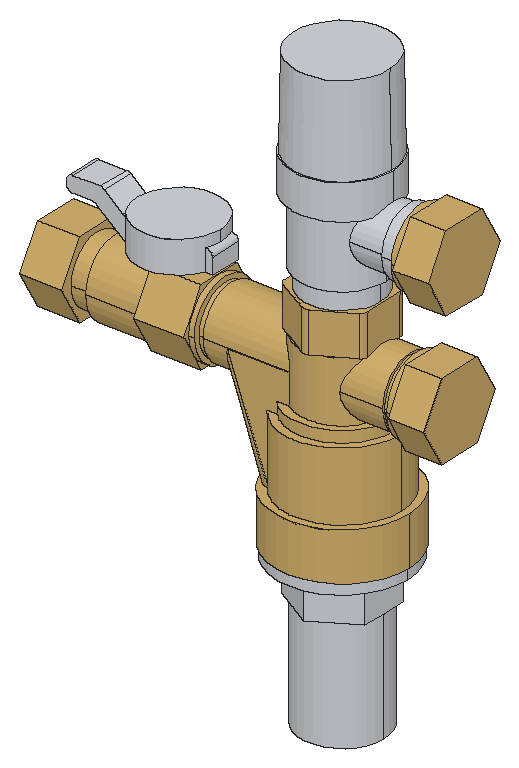
Revit family
Parameters (values of type "KHN3.216")
  URL = "http://www.autospec.co.za/browse.php?id=1644179288"
  Radius of Pipe = Diameter of Pipe / 2  # 11 mm
  Product Code = "KHN3.216"
  Pressure Rating = 600 kPa
  OmniClass Title = ""
  OmniClass Number = ""
  Modspec Classification = ""
  Specification = ""
  Location (revit room) = ""
  Model = "Pressure Control Multi Valve KHN3.216"
  Manufacturer = "Kwikot"  # constant formula
  Material = DZR Brass
  Diameter of Pipe = 22 mm
  Colour = none
  Body Finish = none
  Assembly Code = "D2090800"
Reference planes
  plane 1 "Center (Front/Back)": y = 0
  plane 2: z = 0
  plane 3 "Center (Left/Right)": x = 0
  plane 4: z = -100
  plane 5: z = 88
  plane 6: z = -65
  plane 7: x = 13
  plane 8: x = -13
  plane 9: z = -49.4
  plane 10: z = -34.4
  plane 11: z = -52.865
  plane 12: z = -12.9
  plane 13: z = -9.4
  plane 14: z = 9.6
  plane 15: z = 22.1
  plane 16: z = 28.1
  plane 17: z = 49
  plane 18: z = 60
  plane 19: x = 21.5
  plane 20: x = -34.5
  plane 21: x = 36.5
  plane 22: x = -54
  plane 23: x = 23.5
  plane 24: x = 25.5
  plane 25: x = -36.5
  plane 26: x = -38.5
  plane 27: z = 42
  plane 28: x = 38
  plane 29: x = 27
  plane 30: x = -70.5
  plane 31: x = -76.5
  plane 32: x = -89.5
  plane 33: x = -51
  plane 34: x = -26.5
Forms (mm)
  Extrusion 1, solid, detail levels fine
    sketch origin (-440, -1524, -100) x (-1, 0, 0) y (0, -1, 0)
      loop
        circle (-440, -1524) r 13
    from 0 to 35
  Extrusion 2, solid, detail levels fine
    sketch origin (-440, -1524, -65) x (-1, 0, 0) y (0, -1, 0)
      loop
        line (-453, -1531.506) -> (-440, -1539.011) -> (-427, -1531.506) -> (-427, -1516.494) -> (-440, -1508.989) -> (-453, -1516.494) -> (-453, -1531.506)
    from 0 to 12.135
  Extrusion 3, solid, detail levels fine
    sketch origin (-20.969, -1524, -52.865) x (-1, 0, 0) y (0, -1, 0)
      loop
        circle (-20.969, -1524) r 20.5
    from 0 to 3.465
  Extrusion 4, solid, material "DZR Brass" <- "Material", detail levels fine
    sketch origin (-165.612, -1524, -49.4) x (-1, 0, 0) y (0, -1, 0)
      loop
        circle (-165.612, -1524) r 21
    from 0 to 15
  Extrusion 5, solid, material "DZR Brass" <- "Material", detail levels fine
    sketch origin (0, 0, 0) x (0, 1, 0) y (0, 0, 1)
      loop
        circle (0, 0) r 11
    from 21.5 to -34.5
  Extrusion 6, solid, material "DZR Brass" <- "Material", detail levels fine
    sketch origin (-165.612, -1524, -34.4) x (-1, 0, 0) y (0, -1, 0)
      loop
        circle (-165.612, -1524) r 18.5
    from 0 to 21.5
  Extrusion 7, solid, material "DZR Brass" <- "Material", detail levels fine
    sketch origin (-60.699, -1524, -12.9) x (-1, 0, 0) y (0, -1, 0)
      loop
        circle (-60.699, -1524) r 16
    from 0 to 3.5
  Extrusion 8, solid, material "DZR Brass" <- "Material", detail levels fine
    sketch origin (-60.699, -1524, -9.4) x (-1, 0, 0) y (0, -1, 0)
      loop
        circle (-60.699, -1524) r 13.5
    from 0 to 19
  Blend 9, solid, material "DZR Brass" <- "Material", detail levels fine
    base sketch origin (-60.699, -1524, -9.4) x (-1, 0, 0) y (0, -1, 0)
      loop
        arc (-33.817, -1535) -> (-31.165, -1533.403) -> (-31.338, -1530.311) r 3
        arc (-31.338, -1530.311) -> (-29.942, -1523.999) -> (-31.332, -1517.686) r 15
        arc (-31.332, -1517.686) -> (-31.163, -1514.596) -> (-33.814, -1513) r 3
        line (-33.814, -1513) -> (-55.873, -1513) -> (-55.873, -1535) -> (-33.817, -1535)
    top sketch origin (-60.699, -1524, -9.4) x (-1, 0, 0) y (0, -1, 0)
      loop
        line (-55.873, -1535) -> (-46.266, -1535)
        arc (-46.266, -1535) -> (-44.698, -1534.558) -> (-43.592, -1533.361) r 3
        arc (-43.592, -1533.361) -> (-41.199, -1524) -> (-43.592, -1514.639) r 19.5
        arc (-43.592, -1514.639) -> (-44.698, -1513.442) -> (-46.266, -1513) r 3
        line (-46.266, -1513) -> (-55.873, -1513) -> (-55.873, -1535)
    from 9.4 to -25.5
  Extrusion 10, solid, material "DZR Brass" <- "Material", detail levels fine
    sketch origin (-60.699, -1524, 9.6) x (-1, 0, 0) y (0, -1, 0)
      loop
        line (-72.699, -1532.083) -> (-61.699, -1538.434)
        arc (-61.699, -1538.434) -> (-60.699, -1538.702) -> (-59.699, -1538.434) r 2
        line (-59.699, -1538.434) -> (-48.699, -1532.083)
        arc (-48.699, -1532.083) -> (-47.967, -1531.351) -> (-47.699, -1530.351) r 2
        line (-47.699, -1530.351) -> (-47.699, -1517.649)
        arc (-47.699, -1517.649) -> (-47.967, -1516.649) -> (-48.699, -1515.917) r 2
        line (-48.699, -1515.917) -> (-59.699, -1509.566)
        arc (-59.699, -1509.566) -> (-60.699, -1509.298) -> (-61.699, -1509.566) r 2
        line (-61.699, -1509.566) -> (-72.699, -1515.917)
        arc (-72.699, -1515.917) -> (-73.431, -1516.649) -> (-73.699, -1517.649) r 2
        line (-73.699, -1517.649) -> (-73.699, -1530.351)
        arc (-73.699, -1530.351) -> (-73.431, -1531.351) -> (-72.699, -1532.083) r 2
    from 0 to 12.5
  Extrusion 11, solid, detail levels fine
    sketch origin (-60.699, -1524, 22.1) x (-1, 0, 0) y (0, -1, 0)
      loop
        circle (-60.699, -1524) r 12.2
    from 0 to 6
  Extrusion 12, solid, detail levels fine
    sketch origin (-60.699, -1524, 28.1) x (-1, 0, 0) y (0, -1, 0)
      loop
        circle (-60.699, -1524) r 13.5
    from 0 to 20.9
  Extrusion 13, solid, detail levels fine
    sketch origin (-60.699, -1524, 49) x (-1, 0, 0) y (0, -1, 0)
      loop
        circle (-60.699, -1524) r 16
    from 0 to 11
  Blend 14, solid, detail levels fine
    base sketch origin (-60.699, -1524, 60) x (-1, 0, 0) y (0, -1, 0)
      loop
        circle (-60.699, -1524) r 15.5
    top sketch origin (-60.699, -1524, 60) x (-1, 0, 0) y (0, -1, 0)
      loop
        circle (-60.699, -1524) r 15
    from 0 to 28
  Extrusion 15, solid, material "DZR Brass" <- "Material", detail levels fine
    sketch origin (21.5, -1524, -21.263) x (0, 0, -1) y (0, -1, 0)
      loop
        circle (-21.263, -1524) r 10.5
    from 0 to -2
  Extrusion 16, solid, material "DZR Brass" <- "Material", detail levels fine
    sketch origin (-34.5, -1524, -21.263) x (0, 0, -1) y (0, -1, 0)
      loop
        circle (-21.263, -1524) r 10.5
    from 0 to 2
  Extrusion 17, solid, material "DZR Brass" <- "Material", detail levels fine
    sketch origin (21.5, -1524, -21.263) x (0, 0, -1) y (0, -1, 0)
      loop
        circle (-21.263, -1524) r 12
    from -2 to -4
  Extrusion 18, solid, material "DZR Brass" <- "Material", detail levels fine
    sketch origin (-34.5, -1524, -21.263) x (0, 0, -1) y (0, -1, 0)
      loop
        circle (-21.263, -1524) r 12
    from 2 to 4
  Extrusion 19, solid, material "DZR Brass" <- "Material", detail levels fine
    sketch origin (25.5, -1524, -21.263) x (0, 0, -1) y (0, -1, 0)
      loop
        line (-9.263, -1517.072) -> (-21.263, -1510.144) -> (-33.263, -1517.072) -> (-33.263, -1530.928) -> (-21.263, -1537.856) -> (-9.263, -1530.928) -> (-9.263, -1517.072)
    from 0 to -11
  Extrusion 20, solid, material "DZR Brass" <- "Material", detail levels fine
    sketch origin (-38.5, -1524, -21.263) x (0, 0, -1) y (0, -1, 0)
      loop
        line (-33.263, -1517.072) -> (-33.263, -1530.928) -> (-21.263, -1537.856) -> (-9.263, -1530.928) -> (-9.263, -1517.072) -> (-21.263, -1510.144) -> (-33.263, -1517.072)
    from 0 to 15.5
  Extrusion 21, solid, detail levels fine
    sketch origin (0, 0, 0) x (0, 1, 0) y (0, 0, 1)
      loop
        circle (0, 42) r 9.5
    from 0 to 20.8
  Extrusion 22, solid, detail levels fine
    sketch origin (0, 0, 0) x (0, 1, 0) y (0, 0, 1)
      loop
        circle (0, 42) r 10.45
    from 20.8 to 25
  Extrusion 23, solid, material "DZR Brass" <- "Material", detail levels fine
    sketch origin (0, 0, 0) x (0, 1, 0) y (0, 0, 1)
      loop
        circle (0, 42) r 12
    from 25 to 27
  Extrusion 24, solid, material "DZR Brass" <- "Material", detail levels fine
    sketch origin (38, -1524, 66.867) x (0, 0, 1) y (0, -1, 0)
      loop
        line (-12.867, -1517.072) -> (-24.867, -1510.144) -> (-36.867, -1517.072) -> (-36.867, -1530.928) -> (-24.867, -1537.856) -> (-12.867, -1530.928) -> (-12.867, -1517.072)
    from 0 to -11
  Extrusion 25, solid, material "DZR Brass" <- "Material", detail levels fine
    sketch origin (-54, -1524, -24.693) x (0, 0, -1) y (0, -1, 0)
      loop
        circle (-24.693, -1524) r 12
    from 0 to 16.5
  Extrusion 26, solid, material "DZR Brass" <- "Material", detail levels fine
    sketch origin (-70.5, -1524, -24.693) x (0, 0, -1) y (0, -1, 0)
      loop
        circle (-24.693, -1524) r 10.5
    from 0 to 6
  Extrusion 27, solid, material "DZR Brass" <- "Material", detail levels fine
    sketch origin (-76.5, -1524, -152.224) x (0, 0, -1) y (0, -1, 0)
      loop
        line (-164.224, -1530.928) -> (-152.224, -1537.856) -> (-140.224, -1530.928) -> (-140.224, -1517.072) -> (-152.224, -1510.144) -> (-164.224, -1517.072) -> (-164.224, -1530.928)
    from 0 to 13
  Extrusion 28, solid, material "DZR Brass", detail levels fine
    sketch origin (0, 0, 0) x (1, 0, 0) y (0, 1, 0)
      loop
        circle (-51, 0) r 8.25
    from 12 to 14.461
  Extrusion 29, solid, detail levels fine
    sketch origin (0, 0, 0) x (1, 0, 0) y (0, 1, 0)
      loop
        circle (-51, 0) r 13
    from 14.461 to 24.5
  Extrusion 30, solid, detail levels fine
    sketch origin (0, 0, 0) x (1, 0, 0) y (0, 0, 1)
      loop
        line (-38.5, 21.385) -> (-63.155, 21.385)
        arc (-63.155, 21.385) -> (-63.841, 21.506) -> (-64.443, 21.855) r 2
        line (-64.443, 21.855) -> (-70.117, 26.63)
        arc (-70.117, 26.63) -> (-70.719, 26.979) -> (-71.405, 27.1) r 2
        line (-71.405, 27.1) -> (-80.111, 27.1)
        arc (-80.111, 27.1) -> (-81.525, 26.514) -> (-82.111, 25.1) r 2
        line (-82.111, 25.1) -> (-82.111, 24.1)
        arc (-82.111, 24.1) -> (-81.525, 22.686) -> (-80.111, 22.1) r 2
        line (-80.111, 22.1) -> (-73.806, 22.1)
        arc (-73.806, 22.1) -> (-73.12, 21.979) -> (-72.518, 21.63) r 2
        line (-72.518, 21.63) -> (-64, 14.461) -> (-36.5, 14.461) -> (-36.5, 19.385)
        arc (-36.5, 19.385) -> (-37.086, 20.799) -> (-38.5, 21.385) r 2
    from -5 to 5
Cuts and joins
  joined: Extrusion 11, Extrusion 12, Extrusion 13, Blend 14, Extrusion 21, Extrusion 22
  joined: Extrusion 1, Extrusion 2, Extrusion 3
  joined: Extrusion 5, Extrusion 10, Extrusion 15, Extrusion 16, Extrusion 17, Extrusion 18, Extrusion 19, Extrusion 20, Extrusion 25, Extrusion 26, Extrusion 27
  joined: Extrusion 4, Extrusion 6, Extrusion 7, Extrusion 8, Blend 9
  joined: Extrusion 23, Extrusion 24
Lines and regions (mm)
  model lines
    curve 1: line (-26.5, 0, 0) -> (-26.5, 40, 0)
    curve 2: line (-41.5, 40, 0) -> (-11.5, 40, 0)
    curve 3: line (17.5, 0, 0) -> (36.5, 0, 0)
    curve 4: line (-70.5, 0, 0) -> (-89.5, 0, 0)
    curve 5: arc (-41.5, 40, 0) -> (-26.5, 46.771, 0) -> (-11.5, 40, 0) r 20
    curve 6: line (-26.5, 46.771, 0) -> (-26.5, 61.771, 0)
    curve 7: line (-26.5, 61.771, 0) -> (24.587, 61.771, 0)
    curve 8: line (24.587, 61.771, 0) -> (24.587, 0, 0)
    curve 9: line (-70.5, -13.856, 0) -> (-70.5, 13.856, 0)
    curve 10: line (-70.5, 13.856, 0) -> (17.5, -13.856, 0)
    curve 11: line (-70.5, -13.856, 0) -> (17.5, 13.856, 0)
    curve 12: line (17.5, 13.856, 0) -> (17.5, -13.856, 0)
Dimensions and locks
  level to plane 4 = 100 mm
  plane 6 to plane 4 = 35 mm
  plane 8 to plane 7 = 26 mm
  plane 3 "Center (Left/Right)" to plane 19 = 21.5 mm
  plane 20 to plane 19 = 56 mm
  plane 3 "Center (Left/Right)" to plane 21 = 36.5 mm
  plane 22 to plane 3 "Center (Left/Right)" = 54 mm
  plane 27 to plane 2 = 42 mm
  plane 28 to plane 3 "Center (Left/Right)" = 38 mm
  plane 28 to plane 29 = 11 mm
  plane 29 to plane 3 "Center (Left/Right)" = 27 mm
  plane 5 to level = 88 mm
  plane 3 "Center (Left/Right)" to plane 33 = 51 mm
  equal spacing: Blend 9 sketch curve, plane 1 "Center (Front/Back)", Blend 9 sketch curve
  "Radius of Pipe": plane 1 "Center (Front/Back)" to Blend 9 sketch curve
  plane 20 to Blend 9 sketch curve = 3.743 mm
  plane 20 to Blend 9 sketch curve = 15 mm
  radius of Extrusion 1 sketch curve = 13 mm
  "Radius of Pipe": radius of Extrusion 5 sketch curve
  radius of Extrusion 21 sketch curve = 9.5 mm
  radius of Extrusion 23 sketch curve = 12 mm
  radius of Extrusion 22 sketch curve = 10.45 mm
  radius of Extrusion 28 sketch curve = 8.25 mm
  radius of Blend 9 sketch curve = 15 mm
  radius of Blend 9 sketch curve = 3 mm  (x4)
  radius of Blend 9 sketch curve = 19.5 mm
  aligned and locked: level to plane 2
  aligned and locked: plane 6 to Extrusion 1
  aligned and locked: Extrusion 1 to plane 4
  aligned and locked: plane 11 to Extrusion 2
  aligned and locked: Extrusion 2 to plane 6
  aligned and locked: plane 9 to Extrusion 3
  aligned and locked: Extrusion 3 to Extrusion 2
  aligned and locked: plane 10 to Extrusion 4
  aligned and locked: Extrusion 4 to plane 9
  aligned and locked: plane 12 to Extrusion 6
  aligned and locked: Extrusion 6 to plane 10
  aligned and locked: plane 13 to Extrusion 7
  aligned and locked: Extrusion 7 to plane 12
  aligned and locked: plane 14 to Extrusion 8
  aligned and locked: Extrusion 8 to Extrusion 7
  aligned and locked: plane 15 to Extrusion 10
  aligned and locked: Extrusion 10 to Extrusion 8
  aligned and locked: plane 16 to Extrusion 11
  aligned and locked: Extrusion 11 to plane 15
  aligned and locked: plane 17 to Extrusion 12
  aligned and locked: Extrusion 12 to plane 16
  aligned and locked: plane 18 to Extrusion 13
  aligned and locked: Extrusion 13 to plane 17
  aligned and locked: plane 5 to Blend 14
  aligned and locked: Blend 14 to plane 18
  aligned and locked: plane 20 to Extrusion 5
  aligned and locked: Extrusion 5 to plane 19
  aligned: Extrusion 16 sketch curve to Extrusion 15
  aligned and locked: Extrusion 16 sketch curve to Extrusion 15
  aligned and locked: Extrusion 17 to Extrusion 15
  aligned: Extrusion 18 sketch curve to Extrusion 17
  aligned and locked: Extrusion 18 sketch curve to Extrusion 17
  aligned and locked: Extrusion 15 to plane 23
  aligned and locked: plane 23 to Extrusion 17
  aligned and locked: Extrusion 17 to plane 24
  aligned and locked: plane 25 to Extrusion 16
  aligned and locked: Extrusion 18 to Extrusion 16
  aligned and locked: plane 26 to Extrusion 18
  aligned and locked: Extrusion 19 to Extrusion 17
  aligned and locked: Extrusion 19 to plane 21
  aligned and locked: plane 22 to Extrusion 20
  aligned and locked: Extrusion 20 to Extrusion 18
  aligned and locked: plane 1 "Center (Front/Back)" to Extrusion 21 sketch curve
  aligned and locked: plane 27 to Extrusion 21 sketch curve
  aligned and locked: plane 27 to Extrusion 22 sketch curve
  aligned and locked: plane 1 "Center (Front/Back)" to Extrusion 22 sketch curve
  aligned and locked: plane 27 to Extrusion 23 sketch curve
  aligned and locked: plane 1 "Center (Front/Back)" to Extrusion 23 sketch curve
  aligned and locked: plane 29 to Extrusion 23
  aligned and locked: plane 28 to Extrusion 24
  aligned and locked: Extrusion 24 to plane 29
  aligned and locked: Extrusion 25 sketch curve to cut or joined group 1 (Extrusion 5, Extrusion 10, Extrusion 15, Extrusion 16, Extrusion 17, Extrusion 18, Extrusion 19, Extrusion 20, Extrusion 25, Extrusion 26, Extrusion 27)  (x2)
  aligned and locked: plane 30 to Extrusion 25
  aligned and locked: Extrusion 25 to plane 22
  aligned and locked: Extrusion 26 sketch curve to cut or joined group 1  (x2)
  aligned and locked: Extrusion 27 to plane 31
  aligned and locked: plane 32 to Extrusion 27
  aligned and locked: Extrusion 26 to plane 30
  aligned and locked: plane 31 to Extrusion 26
  aligned and locked: Extrusion 25 to Extrusion 26
  aligned and locked: Extrusion 25 to cut or joined group 1
  aligned and locked: plane 33 to Extrusion 28 sketch curve
  aligned and locked: plane 1 "Center (Front/Back)" to Extrusion 28 sketch curve
  aligned and locked: Extrusion 28 to cut or joined group 1
  aligned and locked: plane 33 to Extrusion 29 sketch curve
  aligned and locked: plane 1 "Center (Front/Back)" to Extrusion 29 sketch curve
  aligned and locked: Extrusion 29 to Extrusion 28
  aligned and locked: Extrusion 30 sketch curve to Extrusion 29
  aligned and locked: Blend 9 sketch curve to var sketch  (x2)
  aligned and locked: var sketch to Blend 9 sketch curve
Automatic sketch dimensions
  plane 1 "Center (Front/Back)" to Extrusion 1 sketch curve = 0 mm
  Extrusion 1 sketch curve to plane 3 "Center (Left/Right)" = 0 mm
  Extrusion 2 sketch curve to plane 7 = 0 mm
  Extrusion 2 sketch curve to plane 3 "Center (Left/Right)" = 0 mm  (x2)
  Extrusion 2 sketch curve to plane 8 = 0 mm
  Extrusion 2 sketch curve to plane 1 "Center (Front/Back)" = 15.011 mm
  Extrusion 2 sketch curve to plane 1 "Center (Front/Back)" = 7.506 mm  (x2)
  plane 1 "Center (Front/Back)" to Extrusion 2 sketch curve = 7.506 mm  (x2)
  Extrusion 2 sketch curve to Extrusion 2 sketch curve = 7.506 mm
  plane 1 "Center (Front/Back)" to Extrusion 3 sketch curve = 0 mm
  Extrusion 3 sketch curve to plane 3 "Center (Left/Right)" = 0 mm
  plane 1 "Center (Front/Back)" to Extrusion 4 sketch curve = 0 mm
  Extrusion 4 sketch curve to plane 3 "Center (Left/Right)" = 0 mm
  Extrusion 5 sketch curve to level = 0 mm
  Extrusion 5 sketch curve to plane 1 "Center (Front/Back)" = 0 mm
  plane 1 "Center (Front/Back)" to Extrusion 6 sketch curve = 0 mm
  Extrusion 6 sketch curve to plane 3 "Center (Left/Right)" = 0 mm
  plane 1 "Center (Front/Back)" to Extrusion 7 sketch curve = 0 mm
  Extrusion 7 sketch curve to plane 3 "Center (Left/Right)" = 0 mm
  plane 1 "Center (Front/Back)" to Extrusion 8 sketch curve = 0 mm
  Extrusion 8 sketch curve to plane 3 "Center (Left/Right)" = 0 mm
  Extrusion 10 sketch curve to plane 7 = 0 mm
  Extrusion 10 sketch curve to plane 3 "Center (Left/Right)" = 0 mm  (x2)
  Extrusion 10 sketch curve to plane 8 = 0 mm
  plane 7 to Extrusion 10 sketch curve = 1 mm  (x2)
  Extrusion 10 sketch curve to Extrusion 10 sketch curve = 2 mm  (x2)
  plane 3 "Center (Left/Right)" to Extrusion 10 sketch curve = 1 mm  (x2)
  Extrusion 10 sketch curve to plane 3 "Center (Left/Right)" = 1 mm  (x2)
  Extrusion 10 sketch curve to plane 8 = 2 mm  (x2)
  Extrusion 10 sketch curve to plane 8 = 1 mm  (x2)
  Extrusion 10 sketch curve to plane 1 "Center (Front/Back)" = 14.434 mm
  Extrusion 10 sketch curve to Extrusion 10 sketch curve = 1.732 mm  (x2)
  Extrusion 10 sketch curve to plane 1 "Center (Front/Back)" = 8.083 mm  (x2)
  plane 1 "Center (Front/Back)" to Extrusion 10 sketch curve = 6.351 mm  (x2)
  Extrusion 10 sketch curve to Extrusion 10 sketch curve = 6.351 mm
  plane 1 "Center (Front/Back)" to Extrusion 11 sketch curve = 0 mm
  Extrusion 11 sketch curve to plane 3 "Center (Left/Right)" = 0 mm
  plane 1 "Center (Front/Back)" to Extrusion 12 sketch curve = 0 mm
  Extrusion 12 sketch curve to plane 3 "Center (Left/Right)" = 0 mm
  plane 1 "Center (Front/Back)" to Extrusion 13 sketch curve = 0 mm
  Extrusion 13 sketch curve to plane 3 "Center (Left/Right)" = 0 mm
  plane 1 "Center (Front/Back)" to Blend 14 sketch curve = 0 mm  (x2)
  Blend 14 sketch curve to plane 3 "Center (Left/Right)" = 0 mm  (x2)
  Extrusion 15 sketch curve to level = 0 mm
  Extrusion 15 sketch curve to plane 1 "Center (Front/Back)" = 0 mm
  Extrusion 17 sketch curve to level = 0 mm
  Extrusion 17 sketch curve to plane 1 "Center (Front/Back)" = 0 mm
  Extrusion 19 sketch curve to level = 0 mm  (x2)
  plane 14 to Extrusion 19 sketch curve = 2.4 mm
  plane 12 to Extrusion 19 sketch curve = 0.9 mm
  Extrusion 19 sketch curve to plane 1 "Center (Front/Back)" = 13.856 mm
  Extrusion 19 sketch curve to plane 1 "Center (Front/Back)" = 6.928 mm  (x2)
  plane 1 "Center (Front/Back)" to Extrusion 19 sketch curve = 6.928 mm  (x2)
  plane 1 "Center (Front/Back)" to Extrusion 19 sketch curve = 13.856 mm
  Extrusion 20 sketch curve to level = 0 mm  (x2)
  plane 14 to Extrusion 20 sketch curve = 2.4 mm
  plane 12 to Extrusion 20 sketch curve = 0.9 mm
  Extrusion 20 sketch curve to plane 1 "Center (Front/Back)" = 13.856 mm
  Extrusion 20 sketch curve to plane 1 "Center (Front/Back)" = 6.928 mm  (x2)
  plane 1 "Center (Front/Back)" to Extrusion 20 sketch curve = 6.928 mm  (x2)
  Extrusion 20 sketch curve to Extrusion 20 sketch curve = 6.928 mm
  Extrusion 30 sketch curve to plane 15 = 0 mm
  plane 26 to Extrusion 30 sketch curve = 0 mm
  plane 25 to Extrusion 30 sketch curve = 0 mm
  Extrusion 30 sketch curve to plane 15 = 0.715 mm
  Extrusion 30 sketch curve to plane 30 = 7.345 mm
  Extrusion 30 sketch curve to plane 30 = 6.5 mm
  Extrusion 30 sketch curve to plane 15 = 0.245 mm
  Extrusion 30 sketch curve to Extrusion 30 sketch curve = 1.288 mm  (x2)
  Extrusion 30 sketch curve to plane 30 = 0.383 mm
  plane 30 to Extrusion 30 sketch curve = 0.905 mm
  Extrusion 30 sketch curve to plane 15 = 0.47 mm
  plane 30 to Extrusion 30 sketch curve = 2.018 mm
  plane 31 to Extrusion 30 sketch curve = 3.611 mm  (x2)
  Extrusion 30 sketch curve to plane 16 = 1 mm
  Extrusion 30 sketch curve to Extrusion 30 sketch curve = 2 mm  (x2)
  Blend 9 sketch curve to plane 3 "Center (Left/Right)" = 4.825 mm
  plane 34 to Blend 9 sketch curve = 0.381 mm
  plane 34 to Blend 9 sketch curve = 0.385 mm
  plane 1 "Center (Front/Back)" to Blend 9 sketch curve = 0.007 mm
  plane 1 "Center (Front/Back)" to Blend 9 sketch curve = 0 mm
  Blend 9 sketch curve to Blend 9 sketch curve = 0 mm  (x2)
  curve 4 to plane 1 "Center (Front/Back)" = 0 mm
  curve 4 to plane 32 = 0 mm
  curve 4 to plane 30 = 0 mm
  curve 5 to plane 34 = 0 mm
  plane 1 "Center (Front/Back)" to curve 1 = 0 mm
  curve 1 to plane 34 = 0 mm
  curve 6 to plane 34 = 0 mm
  plane 1 "Center (Front/Back)" to curve 3 = 0 mm
  curve 3 to plane 21 = 0 mm
  plane 26 to curve 5 = 3 mm
  plane 19 to curve 11 = 4 mm
  curve 8 to plane 29 = 2.413 mm
  curve 12 to curve 3 = 13.856 mm
  curve 9 to curve 4 = 13.856 mm
  curve 10 to plane 1 "Center (Front/Back)" = 13.856 mm
  curve 5 to plane 1 "Center (Front/Back)" = 26.771 mm
  curve 5 to curve 2 = 13.229 mm
  curve 6 to curve 7 = 15 mm
  radius of Extrusion 3 sketch curve = 20.5 mm
  radius of Extrusion 4 sketch curve = 21 mm
  radius of Extrusion 6 sketch curve = 18.5 mm
  radius of Extrusion 7 sketch curve = 16 mm
  radius of Extrusion 8 sketch curve = 13.5 mm
  radius of Extrusion 11 sketch curve = 12.2 mm
  radius of Extrusion 12 sketch curve = 13.5 mm
  radius of Extrusion 13 sketch curve = 16 mm
  radius of Blend 14 sketch curve = 15.5 mm
  radius of Blend 14 sketch curve = 15 mm
  radius of Extrusion 15 sketch curve = 10.5 mm
  radius of Extrusion 17 sketch curve = 12 mm
  radius of Extrusion 29 sketch curve = 13 mm
Connectors
  piping at (36.5, 0, 0), driven by "Radius of Pipe", driven by "Pressure Rating"
    settings: on Extrusion 19, index 2, connector radius 11 mm, flow factor 0, pipe flow 0.0 L/s, pressure drop 600 kPa, fitting loss kfactor 0, connector angle 0.00°, fixture units 0, flow configuration 0, flow direction 2, fitting loss method 0, system type 29, connector reference index 3, connector utility 0, adjustable connector yes, is connector primary no, fitting loss table "", connector description "Pipe Connector"
  piping at (-89.5, 0, 0), driven by "Radius of Pipe"
    settings: on cut or joined group 1, index 3, connector radius 11 mm, flow factor 0, pipe flow 0.0 L/s, pressure drop 0 kPa, fitting loss kfactor 0, connector angle 0.00°, fixture units 0, flow configuration 0, flow direction 1, fitting loss method 0, system type 29, connector reference index 2, connector utility 0, adjustable connector yes, is connector primary yes, fitting loss table "", connector description "Pipe Connector"
  piping at (38, 0, 42), driven by "Radius of Pipe"
    settings: on cut or joined group of Extrusion 23, Extrusion 24, index 4, connector radius 11 mm, flow factor 0, pipe flow 0.0 L/s, pressure drop 0 kPa, fitting loss kfactor 0, connector angle 0.00°, fixture units 0, flow configuration 0, flow direction 2, fitting loss method 0, system type 29, connector reference index -1, connector utility 0, adjustable connector yes, is connector primary no, fitting loss table "", connector description "Pipe Connector"
